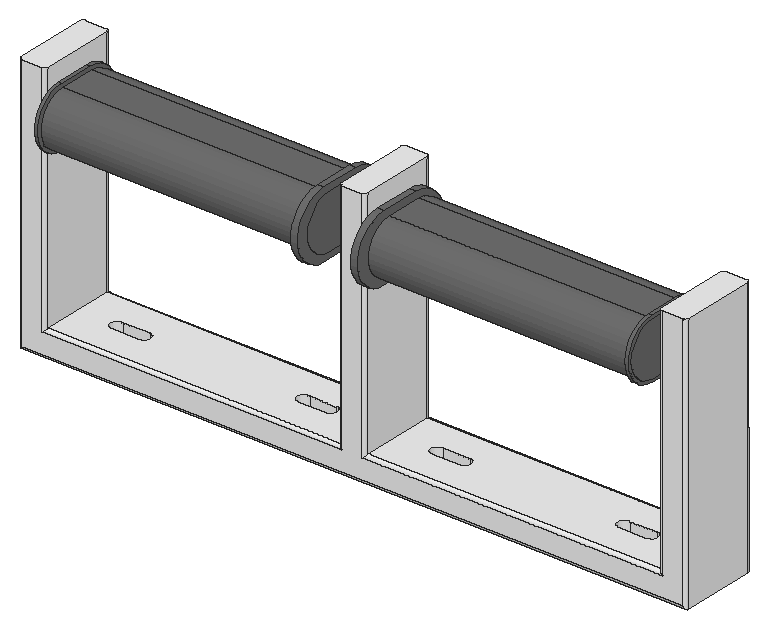
Revit family
Parameters (values of type "B-2740")
  offset [instance] = 0' - 0"
  Warranty Duration (Years) = 0
  Unit Width = 1' - 0 1/2"
  Unit Height = 0' - 1 1/2"
  Unit Depth = 0' - 4 7/8"
  URL = "http://www.bobrick.com/Pages/default.aspx"
  Spindle = Plastic - Bobrick - Black
  Specification = ""
  SpecWizard = ""
  Send Message = "http://www.arcat.com/users.pl?action=UserEmail&company=Bobrick+Washroom+Equipment,+Inc.&coid=30988&rep=156&fax=818-503-1930&mf="
  Sales Information = "http://www.bobrick.com/Pages/ContactUs.aspx"
  Revision = "R1_10-2012"
  Product Properties = ""
  Product Data = "http://arcat.com/arcatcos/cos30/arc30988.html?isac=1&r=1"
  Model = "B-2740"
  Manufacturer Website = "http://www.bobrick.com/Pages/default.aspx"
  Manufacturer Phone - Toll Free = ""
  Manufacturer Phone = "818-764-1000"
  Manufacturer Fax = "818-503-1930"
  Manufacturer Address = "11611 Hart St. North Hollywood, CA 91605-5882"
  Manufacturer = "Bobrick Washroom Equipment, Inc."
  Maintenance Schedule (Months) = 0
  Keynote = "102813"
  Installation-Fabrication = "http://www.bobrick.com/washroomaccessories/Pages/WashroomAccessories.aspx"
  Installation Phase = ""
  Green Building-LEED = ""
  Frame Material = Aluminum - Bobrick - Satin
  Expected Lifespan (Years) = 0
  Drawn By = "Sumex Design, Inc. / Robert S. Weygant, CSI, CDT, SCIP"
  Description = "Bobrick B-2740 Surface Mounted Double Toilet Tissue Dispenser"
  Default Elevation = 4' - 0"
  Copyright = "©Arcat Inc."
  Construction Details = ""
  Capacity = "Two Standard Core Toilet Tissue Rolls up to 6\" Diameter"
  Assembly Code = "E1090900"
Reference planes (in)
  plane 1 "Center (Front/Back)": y = 0
  plane 2 "Bottom": z = 0
  plane 3 "Center (Left/Right)": x = 0
  plane 4 "Front": y = -0.75
  plane 5 "Back": y = 0.75
  plane 6 "Right": x = 6.25
  plane 7 "Left": x = -6.25
  plane 8 "Top": z = 4.875
  plane 9: x = -5
  plane 10: x = -4.5
  plane 11: x = -1.5
  plane 12: x = -1
  plane 13: x = 1
  plane 14: x = 1.5
  plane 15: x = 4.5
  plane 16: x = 5
Forms (in)
  Sweep 1, solid, material "Aluminum - Bobrick - Satin" <- "Frame Material"
    path origin (0, 0, 0) x (1, 0, 0) y (0, 0, 1)
      loop
        line (-6.25, 4.875) -> (-6.25, 0) -> (6.25, 0) -> (6.25, 4.875)
    profile origin (-6.25, 0, 2.4375) x (0, -1, 0) y (1, 0, 0)
      loop
        arc (-0.75, 0.0625) -> (-0.73169, 0.01831) -> (-0.6875, 0) r 0.0625
        line (-0.6875, 0) -> (0.6875, 0)
        arc (0.6875, 0) -> (0.73169, 0.01831) -> (0.75, 0.0625) r 0.0625
        line (0.75, 0.0625) -> (0.75, 0.4375)
        arc (0.75, 0.4375) -> (0.73169, 0.48169) -> (0.6875, 0.5) r 0.0625
        line (0.6875, 0.5) -> (-0.6875, 0.5)
        arc (-0.6875, 0.5) -> (-0.73169, 0.48169) -> (-0.75, 0.4375) r 0.0625
        line (-0.75, 0.4375) -> (-0.75, 0.0625)
  Extrusion 2, solid, material "Aluminum - Bobrick - Satin" <- "Frame Material"
    sketch origin (0, 0, 0) x (1, 0, 0) y (0, 1, 0)
      loop
        arc (-0.1875, 0.75) -> (-0.23169, 0.73169) -> (-0.25, 0.6875) r 0.0625
        line (-0.25, 0.6875) -> (-0.25, -0.6875)
        arc (-0.25, -0.6875) -> (-0.23169, -0.73169) -> (-0.1875, -0.75) r 0.0625
        line (-0.1875, -0.75) -> (0.1875, -0.75)
        arc (0.1875, -0.75) -> (0.23169, -0.73169) -> (0.25, -0.6875) r 0.0625
        line (0.25, -0.6875) -> (0.25, 0.6875)
        arc (0.25, 0.6875) -> (0.23169, 0.73169) -> (0.1875, 0.75) r 0.0625
        line (0.1875, 0.75) -> (-0.1875, 0.75)
    from 0.19364 to 4.875
  Extrusion 3, solid
    sketch origin (0, 0, 0) x (0, 1, 0) y (0, 0, 1)
      loop
        circle (0, 4.125) r 0.25
    from -6.04687 to -5.5
  Extrusion 4, void
    sketch origin (0, 0, 0) x (0, 1, 0) y (0, 0, 1)
      loop
        circle (0, 4.125) r 0.25
    from -6.04687 to -0.04687
  Extrusion 5, void
    sketch origin (0, 0, 0) x (0, 1, 0) y (0, 0, -1)
      loop
        circle (0, -4.125) r 0.25
    from -6.04687 to -0.04687
  Extrusion 6, solid, material "Plastic - Bobrick - Black"
    sketch origin (5.42188, 0, 0) x (0, 1, 0) y (0, 0, 1)
      loop
        circle (0, 4.125) r 0.25
    from -6.04687 to -5.46875
  Extrusion 7, solid, material "Plastic - Bobrick - Black"
    sketch origin (-5.42188, 0, 0) x (0, 1, 0) y (0, 0, -1)
      loop
        circle (0, -4.125) r 0.25
    from -6.04687 to -5.46875
  Extrusion 8, solid, material "Plastic - Bobrick - Black"
    sketch origin (0, 0, 0) x (0, 1, 0) y (0, 0, -1)
      loop
        circle (0, -4.125) r 0.25
    from -6.04687 to -5.5
  Extrusion 9, solid, material "Plastic - Bobrick - Black"
    sketch origin (-5.5, 0, 0) x (0, 1, 0) y (0, 0, 1)
      loop
        arc (0, 3.5625) -> (0.5625, 4.125) -> (0, 4.6875) r 0.5625
        line (0, 4.6875) -> (-0.67187, 4.6875)
        arc (-0.67187, 4.6875) -> (-1.23438, 4.125) -> (-0.67188, 3.5625) r 0.5625
        line (-0.67188, 3.5625) -> (0, 3.5625)
    from 0 to -0.0625
  Extrusion 10, solid, material "Plastic - Bobrick - Black"
    sketch origin (5.5, 0, 0) x (0, 1, 0) y (0, 0, -1)
      loop
        line (0, -3.5625) -> (-0.67188, -3.5625)
        arc (-0.67188, -3.5625) -> (-1.23438, -4.125) -> (-0.67187, -4.6875) r 0.5625
        line (-0.67187, -4.6875) -> (0, -4.6875)
        arc (0, -4.6875) -> (0.5625, -4.125) -> (0, -3.5625) r 0.5625
    from 0 to -0.0625
  Extrusion 11, solid, material "Plastic - Bobrick - Black"
    sketch origin (-0.625, 0, 0) x (0, -1, 0) y (0, 0, 1)
      loop
        arc (0.03125, 4.75) -> (-0.59375, 4.125) -> (0.03125, 3.5) r 0.625
        line (0.03125, 3.5) -> (0.78125, 3.5)
        arc (0.78125, 3.5) -> (1.40625, 4.125) -> (0.78125, 4.75) r 0.625
        line (0.78125, 4.75) -> (0.03125, 4.75)
    from 0 to -0.125
  Extrusion 12, solid, material "Plastic - Bobrick - Black"
    sketch origin (0.625, 0, 0) x (0, -1, 0) y (0, 0, -1)
      loop
        line (0.03125, -4.75) -> (0.78125, -4.75)
        arc (0.78125, -4.75) -> (1.40625, -4.125) -> (0.78125, -3.5) r 0.625
        line (0.78125, -3.5) -> (0.03125, -3.5)
        arc (0.03125, -3.5) -> (-0.59375, -4.125) -> (0.03125, -4.75) r 0.625
    from 0 to -0.125
  Extrusion 13, solid, material "Plastic - Bobrick - Black"
    sketch origin (0, 0, 0) x (0, 1, 0) y (0, 0, 1)
      loop
        arc (0, 3.625) -> (0.5, 4.125) -> (0, 4.625) r 0.5
        line (0, 4.625) -> (-0.67187, 4.625)
        arc (-0.67187, 4.625) -> (-1.17187, 4.125) -> (-0.67187, 3.625) r 0.5
        line (-0.67187, 3.625) -> (0, 3.625)
    from -5.5625 to -0.5
  Extrusion 14, solid, material "Plastic - Bobrick - Black"
    sketch origin (0, 0, 0) x (0, 1, 0) y (0, 0, -1)
      loop
        line (0, -3.625) -> (-0.67187, -3.625)
        arc (-0.67187, -3.625) -> (-1.17187, -4.125) -> (-0.67187, -4.625) r 0.5
        line (-0.67187, -4.625) -> (0, -4.625)
        arc (0, -4.625) -> (0.5, -4.125) -> (0, -3.625) r 0.5
    from -5.5625 to -0.5
  Extrusion 15, void
    sketch origin (0, 0, 0) x (1, 0, 0) y (0, 1, 0)
      loop
        arc (-5, 0.125) -> (-5.125, 0) -> (-5, -0.125) r 0.125
        line (-5, -0.125) -> (-4.5, -0.125)
        arc (-4.5, -0.125) -> (-4.375, 0) -> (-4.5, 0.125) r 0.125
        line (-4.5, 0.125) -> (-5, 0.125)
      loop
        arc (-1.5, 0.125) -> (-1.625, 0) -> (-1.5, -0.125) r 0.125
        line (-1.5, -0.125) -> (-1, -0.125)
        arc (-1, -0.125) -> (-0.875, 0) -> (-1, 0.125) r 0.125
        line (-1, 0.125) -> (-1.5, 0.125)
      loop
        arc (1, 0.125) -> (0.875, 0) -> (1, -0.125) r 0.125
        line (1, -0.125) -> (1.5, -0.125)
        arc (1.5, -0.125) -> (1.625, 0) -> (1.5, 0.125) r 0.125
        line (1.5, 0.125) -> (1, 0.125)
      loop
        arc (4.5, 0.125) -> (4.375, 0) -> (4.5, -0.125) r 0.125
        line (4.5, -0.125) -> (5, -0.125)
        arc (5, -0.125) -> (5.125, 0) -> (5, 0.125) r 0.125
        line (5, 0.125) -> (4.5, 0.125)
    from 0 to 0.64075
Cuts and joins
  Extrusion 4, Extrusion 5, Extrusion 15 cuts Sweep 1
  Extrusion 4, Extrusion 5, Extrusion 15 cuts Extrusion 2
  joined: Sweep 1, Extrusion 2
  Extrusion 15 cuts Extrusion 6
  Extrusion 15 cuts Extrusion 7
  Extrusion 15 cuts Extrusion 11
  Extrusion 15 cuts Extrusion 12
  Extrusion 15 cuts Extrusion 13
  Extrusion 15 cuts Extrusion 14
Dimensions and locks (in)
  equal spacing: plane 5 "Back", plane 1 "Center (Front/Back)", plane 4 "Front"
  equal spacing: Sweep 1 sketch curve, plane 3 "Center (Left/Right)", Sweep 1 sketch curve
  "Unit Width": plane 7 "Left" to plane 6 "Right"
  "Unit Depth": plane 8 "Top" to level
  "Unit Height": plane 5 "Back" to plane 4 "Front"
Automatic sketch dimensions
  Sweep 1 sketch curve to level = 0' - 0"
  Sweep 1 sketch curve to plane 7 "Left" = 0' - 0"
  Sweep 1 sketch curve to plane 8 "Top" = 0' - 0"  (x2)
  Sweep 1 sketch curve to profile plane = 0' - 0"
  Sweep 1 sketch curve to profile plane = 0' - 0 1/16"  (x2)
  Sweep 1 sketch curve to plane 1 "Center (Front/Back)" = 0' - 0 3/4"
  Sweep 1 sketch curve to Sweep 1 sketch curve = 0' - 0 1/16"
  plane 1 "Center (Front/Back)" to Sweep 1 sketch curve = 0' - 0 11/16"
  Sweep 1 sketch curve to Sweep 1 sketch curve = 0' - 0"
  Sweep 1 sketch curve to Sweep 1 sketch curve = 0' - 0 3/8"
  Extrusion 2 sketch curve to plane 4 "Front" = 0' - 0"
  Extrusion 2 sketch curve to plane 5 "Back" = 0' - 0"
  plane 4 "Front" to Extrusion 2 sketch curve = 0' - 0 1/16"
  Extrusion 2 sketch curve to plane 3 "Center (Left/Right)" = 0' - 0 1/4"
  Extrusion 2 sketch curve to Extrusion 2 sketch curve = 0' - 0 1/16"
  plane 3 "Center (Left/Right)" to Extrusion 2 sketch curve = 0' - 0 3/16"  (x2)
  Extrusion 2 sketch curve to plane 5 "Back" = 0' - 0 1/16"
  Extrusion 3 sketch curve to plane 1 "Center (Front/Back)" = 0' - 0"
  Extrusion 3 sketch curve to plane 8 "Top" = 0' - 0 3/4"
  Extrusion 4 sketch curve to plane 1 "Center (Front/Back)" = 0' - 0"
  Extrusion 4 sketch curve to plane 8 "Top" = 0' - 0 3/4"
  Extrusion 5 sketch curve to plane 1 "Center (Front/Back)" = 0' - 0"
  Extrusion 5 sketch curve to plane 8 "Top" = 0' - 0 3/4"
  Extrusion 6 sketch curve to plane 1 "Center (Front/Back)" = 0' - 0"
  Extrusion 6 sketch curve to plane 8 "Top" = 0' - 0 3/4"
  Extrusion 7 sketch curve to plane 1 "Center (Front/Back)" = 0' - 0"
  Extrusion 7 sketch curve to plane 8 "Top" = 0' - 0 3/4"
  Extrusion 8 sketch curve to plane 1 "Center (Front/Back)" = 0' - 0"
  Extrusion 8 sketch curve to plane 8 "Top" = 0' - 0 3/4"
  Extrusion 9 sketch curve to Extrusion 9 sketch curve = 0' - 0 43/64"
  Extrusion 9 sketch curve to Extrusion 9 sketch curve = 0' - 0"
  Extrusion 10 sketch curve to plane 1 "Center (Front/Back)" = 0' - 0"  (x2)
  plane 4 "Front" to Extrusion 10 sketch curve = 0' - 0 5/64"
  Extrusion 10 sketch curve to plane 8 "Top" = 0' - 0 3/16"
  Extrusion 10 sketch curve to Extrusion 10 sketch curve = 0' - 0 9/16"
  Extrusion 11 sketch curve to Extrusion 11 sketch curve = 0' - 0 3/4"
  Extrusion 11 sketch curve to Extrusion 11 sketch curve = 0' - 0 5/8"
  plane 1 "Center (Front/Back)" to Extrusion 12 sketch curve = 0' - 0 1/32"
  Extrusion 12 sketch curve to plane 4 "Front" = 0' - 0 1/32"
  Extrusion 12 sketch curve to plane 8 "Top" = 0' - 0 1/8"
  Extrusion 12 sketch curve to Extrusion 12 sketch curve = 0' - 0 5/8"
  Extrusion 13 sketch curve to plane 1 "Center (Front/Back)" = 0' - 0"  (x2)
  plane 4 "Front" to Extrusion 13 sketch curve = 0' - 0 5/64"
  Extrusion 13 sketch curve to Extrusion 13 sketch curve = 0' - 0"
  Extrusion 13 sketch curve to plane 8 "Top" = 0' - 1 1/4"
  Extrusion 13 sketch curve to Extrusion 13 sketch curve = 0' - 0 1/2"
  Extrusion 14 sketch curve to plane 1 "Center (Front/Back)" = 0' - 0"  (x2)
  plane 4 "Front" to Extrusion 14 sketch curve = 0' - 0 5/64"
  Extrusion 14 sketch curve to Extrusion 14 sketch curve = 0' - 0"
  Extrusion 14 sketch curve to plane 8 "Top" = 0' - 0 1/4"
  Extrusion 14 sketch curve to Extrusion 14 sketch curve = 0' - 0 1/2"
  Extrusion 15 sketch curve to plane 1 "Center (Front/Back)" = 0' - 0"  (x4)
  Extrusion 15 sketch curve to plane 9 = 0' - 0"  (x2)
  Extrusion 15 sketch curve to plane 10 = 0' - 0"  (x2)
  Extrusion 15 sketch curve to plane 11 = 0' - 0"
  Extrusion 15 sketch curve to plane 12 = 0' - 0"
  Extrusion 15 sketch curve to plane 13 = 0' - 0"
  Extrusion 15 sketch curve to plane 14 = 0' - 0"
  Extrusion 15 sketch curve to plane 15 = 0' - 0"
  Extrusion 15 sketch curve to plane 16 = 0' - 0"
  plane 1 "Center (Front/Back)" to Extrusion 15 sketch curve = 0' - 0 1/8"  (x4)
  radius of Extrusion 3 sketch curve = 0' - 0 1/4"
  radius of Extrusion 4 sketch curve = 0' - 0 1/4"
  radius of Extrusion 5 sketch curve = 0' - 0 1/4"
  radius of Extrusion 6 sketch curve = 0' - 0 1/4"
  radius of Extrusion 7 sketch curve = 0' - 0 1/4"
  radius of Extrusion 8 sketch curve = 0' - 0 1/4"
  radius of Extrusion 3 to Extrusion 9 sketch curve = 0' - 0 5/16"
